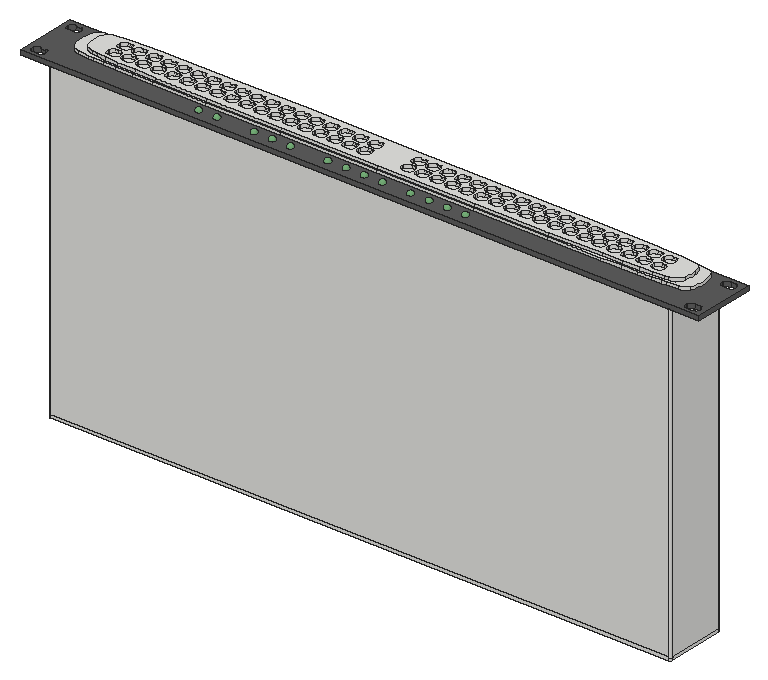
Revit family "Electronics_Expansion-Inputs_Biamp_Vocia_Telephone-Paging-Adapter_POTS-1__", category Communication Devices, host Face, Revit 2020
Family settings
  Host = Face
  Maintain Annotation Orientation = No
  Round Connector Dimension = Use Diameter
  Part Type = Normal
  OmniClass Number = 23.85.10.11.14
  OmniClass Title = Audio Equipment
  Cut with Voids When Loaded = No
  Shared = No
  Room Calculation Point = No
Parameters (values of type "POTS-1")
  Width = 19.02"  # constant formula
  Weight = 2.40 lbf  # constant formula
  Voltage = 24 V
  URL = "https://www.biamp.com/"
  Temperature Range = "18 - 108° F (-8  –  42° C)"  # constant formula
  THD+N = "250Hz – 2kHz: < 0.3%"
  Ringer Equivalency Number (REN) = "0.2"
  Product data url = "https://www.bimobject.com/biamp/product/vocia-pots-1_expansion-input"
  Product Page URL = "https://www.biamp.com/products/product-families/vocia/vocia-expansion-inputs#vocia-pots-1"
  Product Documentation Link = "https://downloads.biamp.com/assets/docs/default-source/data-sheets/biamp_data_sheet_vocia_pots-1_oct18.pdf"
  Power Factor = 1
  TransHybrid Balance = "30dB"
  Number of Poles = 1
  Network Connection = "Dual RJ-45 with shielded Ethernet (CAT5, CAT5e, CAT6, or CAT7)"  # constant formula
  Network Audio = "20-bits, 48kHz, 5-1/3ms (fixed)"  # constant formula
  Model = "Vocia POTS-1"  # constant formula
  Max Power Consumption = 30 W
  Manufacturer = "Biamp"  # constant formula
  Humidity = "0-95% relative humidity (non-condensing)"  # constant formula
  Housing Material = Biamp - Metal - Silver
  Height = 1.73"  # constant formula
  Frequency Response = "250Hz-3.4kHz"
  Dynamic Range = "67dB"
  Description = "Vocia® POTS-1 Telephone Paging Adapter"  # constant formula
  Depth = 8.98"  # constant formula
  Default Elevation = 48.00"
  Connector Description = "24V DC; <100mV Ripple (Max 30W)"  # constant formula
  Compliance = "FCC Part 15B (USA) FCC Part 68 (USA) Industry Canada CS-03 (Canada) CE marked (Europe) RCM (Australia) EAC (Eurasian Customs Union) RoHS Directive (Europe)"
  Assembly Code = ""
  Apparent Load = Max Power Consumption / Power Factor  # 30 VA
  Altitude = "0-10,000 ft (0-3000m) MSL"  # constant formula
Reference planes (in)
  plane 1 "Center (Front/Back)": y = 0
  plane 2: z = 0
  plane 3 "Center (Left/Right)": x = 0
  plane 4: z = 0
  plane 5: y = 0.62232
  plane 6: x = 18.34401
  plane 7: y = -0.62232
Dimensions and locks (in)
  plane 4 to level = 0.00"
  aligned and locked: plane 2 to host face
  aligned and locked: level to host face
Nested families (in)
  nested 1: "POTS-1" at (9.17372, -0.865, -4.35039) x (1, 0, 0) z (0, 1, 0), type "POTS-1"
Connectors (in)
  electrical at (14.77199, -0.33675, -8.8189), driven by "Connector Description", driven by "Power Factor", driven by "Apparent Load", driven by "Voltage", driven by "Number of Poles"
    settings: on nested 1, index 2, voltage 24 V, apparent load 30 VA, apparent load phase1 0 VA, apparent load phase2 0 VA, apparent load phase3 0 VA, power factor 1, load classification "Other", number of poles 1, system type 30, power factor state 1, is connector primary yes, connector utility no, sub classification motor no, connector description "24V DC; <100mV Ripple (Max 30W)"
  electrical at (13.53692, -0.23342, -8.74016)
    settings: on nested 1, index 3, voltage 0 V, apparent load 0 VA, apparent load phase1 0 VA, apparent load phase2 0 VA, apparent load phase3 0 VA, power factor 1, load classification "Other", number of poles 1, system type 5, power factor state 1, is connector primary no, connector utility no, sub classification motor no, connector description "RJ-45; Primary"
  electrical at (12.90699, -0.23342, -8.74016)
    settings: on nested 1, index 4, voltage 0 V, apparent load 0 VA, apparent load phase1 0 VA, apparent load phase2 0 VA, apparent load phase3 0 VA, power factor 1, load classification "Other", number of poles 1, system type 5, power factor state 1, is connector primary no, connector utility no, sub classification motor no, connector description "RJ-45; Secondary"
  electrical at (10.90199, 0.36825, -8.74016)
    settings: on nested 1, index 7, voltage 0 V, apparent load 0 VA, apparent load phase1 0 VA, apparent load phase2 0 VA, apparent load phase3 0 VA, power factor 1, load classification "Other", number of poles 1, system type 5, power factor state 1, is connector primary no, connector utility no, sub classification motor no, connector description "Line 1"
  electrical at (10.20199, 0.36825, -8.74016)
    settings: on nested 1, index 8, voltage 0 V, apparent load 0 VA, apparent load phase1 0 VA, apparent load phase2 0 VA, apparent load phase3 0 VA, power factor 1, load classification "Other", number of poles 1, system type 5, power factor state 1, is connector primary no, connector utility no, sub classification motor no, connector description "Set 1"
  electrical at (9.20199, 0.36825, -8.74016)
    settings: on nested 1, index 9, voltage 0 V, apparent load 0 VA, apparent load phase1 0 VA, apparent load phase2 0 VA, apparent load phase3 0 VA, power factor 1, load classification "Other", number of poles 1, system type 5, power factor state 1, is connector primary no, connector utility no, sub classification motor no, connector description "Line 2"
  electrical at (8.50199, 0.36825, -8.74016)
    settings: on nested 1, index 10, voltage 0 V, apparent load 0 VA, apparent load phase1 0 VA, apparent load phase2 0 VA, apparent load phase3 0 VA, power factor 1, load classification "Other", number of poles 1, system type 5, power factor state 1, is connector primary no, connector utility no, sub classification motor no, connector description "Set 2"
  electrical at (6.96498, 0.36825, -8.74016)
    settings: on nested 1, index 11, voltage 0 V, apparent load 0 VA, apparent load phase1 0 VA, apparent load phase2 0 VA, apparent load phase3 0 VA, power factor 1, load classification "Other", number of poles 1, system type 5, power factor state 1, is connector primary no, connector utility no, sub classification motor no, connector description "Line 3"
  electrical at (6.26499, 0.36825, -8.74016)
    settings: on nested 1, index 12, voltage 0 V, apparent load 0 VA, apparent load phase1 0 VA, apparent load phase2 0 VA, apparent load phase3 0 VA, power factor 1, load classification "Other", number of poles 1, system type 5, power factor state 1, is connector primary no, connector utility no, sub classification motor no, connector description "Set 3"
  electrical at (5.26499, 0.36825, -8.74016)
    settings: on nested 1, index 13, voltage 0 V, apparent load 0 VA, apparent load phase1 0 VA, apparent load phase2 0 VA, apparent load phase3 0 VA, power factor 1, load classification "Other", number of poles 1, system type 5, power factor state 1, is connector primary no, connector utility no, sub classification motor no, connector description "Line 4"
  electrical at (4.565, 0.36825, -8.74016)
    settings: on nested 1, index 14, voltage 0 V, apparent load 0 VA, apparent load phase1 0 VA, apparent load phase2 0 VA, apparent load phase3 0 VA, power factor 1, load classification "Other", number of poles 1, system type 5, power factor state 1, is connector primary no, connector utility no, sub classification motor no, connector description "Set 4"
  electrical at (17.28254, 0.01744, -8.74016)
    settings: on nested 1, index 15, voltage 0 V, apparent load 0 VA, apparent load phase1 0 VA, apparent load phase2 0 VA, apparent load phase3 0 VA, power factor 1, load classification "Other", number of poles 1, system type 5, power factor state 1, is connector primary no, connector utility no, sub classification motor no, connector description "GND"
Definition of nested family "POTS-1"
  Parameters (values of type "POTS-1")
    Width = 19.01575"
    VOIP-1 visible panel back = no
    URL = ""
    POTS-1 visible panel back = yes
    Model = ""
    Material Table Mount = none
    Material Case = none
    Material 3 = none
    Material 2 = none
    Material 1 = none
    Manufacturer = ""
    Height = 1.73228"
    Description = ""
    Depth = 8.97638"
    Default Elevation = 48.00"
    Assembly Code = ""
  Reference planes (in)
    plane 1 "Center (Front/Back)": y = 0
    plane 2: z = 0
    plane 3 "Center (Left/Right)": x = 0
    plane 4: x = -9.50787
    plane 5: x = 9.50787
    plane 6: y = -4.4685
    plane 7 "1": y = 4.4685
    plane 8: z = 1.73228
    plane 9: z = 0
    plane 10: y = -4.35039
    plane 11: y = -4.50787
    plane 12: x = -8.71061
    plane 13: x = 8.72047
    plane 14: y = -4.42913
    plane 15: y = 4.38976
    plane 16: z = 0.32949
  Forms (in)
    Extrusion 1, solid
      sketch origin (0, 0, 0) x (1, 0, 0) y (0, 1, 0)
        loop
          line (-48, 48) -> (-48, -48) -> (48, -48) -> (48, 48) -> (-48, 48)
      from 0 to -12
    Extrusion 2, solid, material <- "Material Table Mount", detail levels fine
      sketch origin (0, 0, 0) x (1, 0, 0) y (0, 1, 0)
        loop
          line (-9.50787, -4.35039) -> (-9.50787, -4.4685) -> (9.50787, -4.4685) -> (9.50787, -4.35039) -> (-9.50787, -4.35039)
      from 0 to 1.73228
    Extrusion 3, void
      sketch origin (0, 0, 0) x (1, 0, 0) y (0, 0, 1)
        loop
          line (-9.10472, 1.62129) -> (-9.24272, 1.62129)
          arc (-9.24272, 1.62129) -> (-9.32884, 1.58996) -> (-9.37469, 1.51063) r 0.13402
          line (-9.37469, 1.51063) -> (-9.37469, 1.46401)
          arc (-9.37469, 1.46401) -> (-9.32886, 1.38463) -> (-9.24272, 1.35329) r 0.13401
          line (-9.24272, 1.35329) -> (-9.10472, 1.35329)
          arc (-9.10472, 1.35329) -> (-9.0186, 1.38463) -> (-8.97276, 1.46401) r 0.134
          line (-8.97276, 1.46401) -> (-8.97276, 1.51054)
          arc (-8.97276, 1.51054) -> (-9.01859, 1.58993) -> (-9.10472, 1.62129) r 0.13399
        loop
          line (-9.10472, 0.37129) -> (-9.24272, 0.37129)
          arc (-9.24272, 0.37129) -> (-9.32886, 0.33993) -> (-9.37469, 0.26054) r 0.13401
          line (-9.37469, 0.26054) -> (-9.37469, 0.21401)
          arc (-9.37469, 0.21401) -> (-9.32886, 0.13463) -> (-9.24272, 0.10329) r 0.13401
          line (-9.24272, 0.10329) -> (-9.10472, 0.10329)
          arc (-9.10472, 0.10329) -> (-9.0186, 0.13463) -> (-8.97276, 0.21401) r 0.134
          line (-8.97276, 0.21401) -> (-8.97276, 0.26054)
          arc (-8.97276, 0.26054) -> (-9.01859, 0.33993) -> (-9.10472, 0.37129) r 0.13399
        loop
          line (9.23929, 1.62129) -> (9.10129, 1.62129)
          arc (9.10129, 1.62129) -> (9.01516, 1.58993) -> (8.96933, 1.51054) r 0.13399
          line (8.96933, 1.51054) -> (8.96933, 1.46401)
          arc (8.96933, 1.46401) -> (9.01516, 1.38463) -> (9.10129, 1.35329) r 0.134
          line (9.10129, 1.35329) -> (9.23929, 1.35329)
          arc (9.23929, 1.35329) -> (9.32541, 1.38463) -> (9.37124, 1.46401) r 0.134
          line (9.37124, 1.46401) -> (9.37124, 1.51054)
          arc (9.37124, 1.51054) -> (9.32542, 1.58993) -> (9.23929, 1.62129) r 0.13399
        loop
          line (9.23929, 0.37129) -> (9.10129, 0.37129)
          arc (9.10129, 0.37129) -> (9.01516, 0.33993) -> (8.96933, 0.26054) r 0.13399
          line (8.96933, 0.26054) -> (8.96933, 0.21401)
          arc (8.96933, 0.21401) -> (9.01516, 0.13463) -> (9.10129, 0.10329) r 0.134
          line (9.10129, 0.10329) -> (9.23929, 0.10329)
          arc (9.23929, 0.10329) -> (9.32541, 0.13463) -> (9.37124, 0.21401) r 0.134
          line (9.37124, 0.21401) -> (9.37124, 0.26054)
          arc (9.37124, 0.26054) -> (9.32542, 0.33993) -> (9.23929, 0.37129) r 0.13399
      from 4.35039 to 4.4685
    Revolve 4, solid, material <- "Material 2", detail levels fine
      sketch origin (-1.33507, 0, 0.32949) x (-1, 0, 0) y (0, -1, 0)
        loop
          arc (0.94198, 4.4685) -> (0.86324, 4.54724) -> (0.7845, 4.4685) r 0.07874
          line (0.7845, 4.4685) -> (0.94198, 4.4685)
        loop
          arc (1.45383, 4.4685) -> (1.37509, 4.54724) -> (1.29635, 4.4685) r 0.07874
          line (1.29635, 4.4685) -> (1.45383, 4.4685)
        loop
          arc (1.96554, 4.4685) -> (1.8868, 4.54724) -> (1.80806, 4.4685) r 0.07874
          line (1.80806, 4.4685) -> (1.96554, 4.4685)
        loop
          arc (3.00877, 4.4685) -> (2.93003, 4.54724) -> (2.85129, 4.4685) r 0.07874
          line (2.85129, 4.4685) -> (3.00877, 4.4685)
        loop
          arc (3.52117, 4.4685) -> (3.44243, 4.54724) -> (3.36369, 4.4685) r 0.07874
          line (3.36369, 4.4685) -> (3.52117, 4.4685)
        loop
          arc (-0.10114, 4.4685) -> (-0.17988, 4.54724) -> (-0.25862, 4.4685) r 0.07874
          line (-0.25862, 4.4685) -> (-0.10114, 4.4685)
        loop
          arc (-0.61303, 4.4685) -> (-0.69177, 4.54724) -> (-0.77051, 4.4685) r 0.07874
          line (-0.77051, 4.4685) -> (-0.61303, 4.4685)
        loop
          arc (-1.12492, 4.4685) -> (-1.20366, 4.54724) -> (-1.2824, 4.4685) r 0.07874
          line (-1.2824, 4.4685) -> (-1.12492, 4.4685)
        loop
          arc (-1.63689, 4.4685) -> (-1.71563, 4.54724) -> (-1.79437, 4.4685) r 0.07874
          line (-1.79437, 4.4685) -> (-1.63689, 4.4685)
        loop
          arc (-2.42391, 4.4685) -> (-2.50265, 4.54724) -> (-2.58139, 4.4685) r 0.07874
          line (-2.58139, 4.4685) -> (-2.42391, 4.4685)
        loop
          arc (-2.93585, 4.4685) -> (-3.01459, 4.54724) -> (-3.09333, 4.4685) r 0.07874
          line (-3.09333, 4.4685) -> (-2.93585, 4.4685)
        loop
          arc (-3.44779, 4.4685) -> (-3.52653, 4.54724) -> (-3.60527, 4.4685) r 0.07874
          line (-3.60527, 4.4685) -> (-3.44779, 4.4685)
        loop
          arc (-3.96012, 4.4685) -> (-4.03886, 4.54724) -> (-4.1176, 4.4685) r 0.07874
          line (-4.1176, 4.4685) -> (-3.96012, 4.4685)
        axis (3.52117, 4.4685) -> (-4.1176, 4.4685)
      angle from 450 to 270
    Extrusion 5, solid, material <- "Material Case", visible <- "POTS-1 visible panel back", detail levels fine
      sketch origin (0, 0, 0) x (1, 0, 0) y (0, 0, 1)
        loop
          line (8.66142, 1.73228) -> (-8.65156, 1.73228)
          arc (-8.65156, 1.73228) -> (-8.69332, 1.71499) -> (-8.71061, 1.67323) r 0.05906
          line (-8.71061, 1.67323) -> (-8.71061, 0.05906)
          arc (-8.71061, 0.05906) -> (-8.69332, 0.0173) -> (-8.65156, 0) r 0.05906
          line (-8.65156, 0) -> (8.66141, 0)
          arc (8.66141, 0) -> (8.70317, 0.0173) -> (8.72047, 0.05906) r 0.05906
          line (8.72047, 0.05906) -> (8.72047, 1.67323)
          arc (8.72047, 1.67323) -> (8.70318, 1.71499) -> (8.66142, 1.73228) r 0.05906
      from -4.4685 to -4.38976
    Extrusion 6, void, detail levels fine
      sketch origin (0, 0, 0) x (1, 0, 0) y (0, 0, 1)
        loop
          line (-4.89872, 0.94325) -> (-4.31873, 0.94325) -> (-4.31873, 1.52324) -> (-4.89872, 1.52324) -> (-4.89872, 0.94325)
        loop
          line (-4.19874, 0.94325) -> (-3.61872, 0.94325) -> (-3.61872, 1.52324) -> (-4.19874, 1.52324) -> (-4.19874, 0.94325)
        loop
          line (-3.19874, 0.94325) -> (-2.61872, 0.94325) -> (-2.61872, 1.52324) -> (-3.19874, 1.52324) -> (-3.19874, 0.94325)
        loop
          line (-2.49874, 1.52324) -> (-2.49874, 0.94325) -> (-1.91875, 0.94325) -> (-1.91875, 1.52324) -> (-2.49874, 1.52324)
        loop
          line (-0.96174, 0.94325) -> (-0.38172, 0.94325) -> (-0.38172, 1.52324) -> (-0.96174, 1.52324) -> (-0.96174, 0.94325)
        loop
          line (-0.26174, 0.94325) -> (0.31827, 0.94325) -> (0.31827, 1.52324) -> (-0.26174, 1.52324) -> (-0.26174, 0.94325)
        loop
          line (0.73827, 1.52324) -> (0.73827, 0.94325) -> (1.31827, 0.94325) -> (1.31827, 1.52324) -> (0.73827, 1.52324)
        loop
          line (2.01827, 0.94325) -> (2.01827, 1.52324) -> (1.43827, 1.52324) -> (1.43827, 0.94325) -> (2.01827, 0.94325)
        loop
          line (4.64863, 0.82842) -> (4.07776, 0.82842) -> (4.07776, 0.43473) -> (4.64863, 0.43473) -> (4.64863, 0.82842)
        loop
          line (4.0187, 0.82842) -> (3.44784, 0.82842) -> (3.44784, 0.43473) -> (4.0187, 0.43473) -> (4.0187, 0.82842)
        loop
          line (5.17327, 0.75325) -> (5.17327, 0.30325) -> (6.02327, 0.30325) -> (6.02327, 0.75325) -> (5.17327, 0.75325)
        loop
          circle (8.10881, 0.88244) r 0.16554
        loop
          circle (1.59783, 0.51028) r 0.21805
        loop
          circle (2.06829, 0.51028) r 0.21805
      from -4.4685 to -4.38976
    Extrusion 7, solid, material <- "Material Table Mount", detail levels coarse+medium
      sketch origin (0, 0, 0) x (1, 0, 0) y (0, 1, 0)
        loop
          line (-9.50787, -4.4685) -> (9.50787, -4.4685) -> (9.50787, -4.35039) -> (-9.50787, -4.35039) -> (-9.50787, -4.4685)
      from 0 to 1.73228
    Extrusion 8, solid, material <- "Material Case", detail levels medium
      sketch origin (0, 0, 0) x (1, 0, 0) y (0, 0, 1)
        loop
          arc (-8.65202, 1.73228) -> (-8.69345, 1.71512) -> (-8.71061, 1.67369) r 0.05859
          line (-8.71061, 1.67369) -> (-8.71061, 0.05859)
          arc (-8.71061, 0.05859) -> (-8.69345, 0.01716) -> (-8.65202, 0) r 0.05859
          line (-8.65202, 0) -> (8.66188, 0)
          arc (8.66188, 0) -> (8.70331, 0.01716) -> (8.72047, 0.05859) r 0.05859
          line (8.72047, 0.05859) -> (8.72047, 1.67369)
          arc (8.72047, 1.67369) -> (8.70331, 1.71512) -> (8.66188, 1.73228) r 0.05859
          line (8.66188, 1.73228) -> (-8.65202, 1.73228)
      from -4.4685 to 4.35039
    Extrusion 9, solid, material <- "Material Case", detail levels coarse
      sketch origin (0, 0, 0) x (1, 0, 0) y (0, 1, 0)
        loop
          line (-8.71061, 4.4685) -> (-8.71061, -4.35039) -> (8.72047, -4.35039) -> (8.72047, 4.4685) -> (-8.71061, 4.4685)
      from 0 to 1.73228
    Extrusion 10, solid, material <- "Material Case", detail levels fine
      sketch origin (0, 0, 0) x (1, 0, 0) y (0, 0, 1)
        loop
          line (8.66142, 1.73228) -> (-8.65156, 1.73228)
          arc (-8.65156, 1.73228) -> (-8.69332, 1.71499) -> (-8.71061, 1.67323) r 0.05906
          line (-8.71061, 1.67323) -> (-8.71061, 0.05906)
          arc (-8.71061, 0.05906) -> (-8.69332, 0.0173) -> (-8.65156, 0) r 0.05906
          line (-8.65156, 0) -> (8.66188, 0)
          arc (8.66188, 0) -> (8.70331, 0.01716) -> (8.72047, 0.05859) r 0.05859
          line (8.72047, 0.05859) -> (8.72047, 1.67323)
          arc (8.72047, 1.67323) -> (8.70318, 1.71499) -> (8.66142, 1.73228) r 0.05906
      from -4.38976 to 4.35039
    Extrusion 11, solid, material <- "Material Case", visible <- "VOIP-1 visible panel back", detail levels fine
      sketch origin (0, 0, 0) x (1, 0, 0) y (0, 0, 1)
        loop
          line (8.72047, 0.05859) -> (8.72047, 1.67323)
          arc (8.72047, 1.67323) -> (8.70318, 1.71499) -> (8.66142, 1.73228) r 0.05906
          line (8.66142, 1.73228) -> (-8.65156, 1.73228)
          arc (-8.65156, 1.73228) -> (-8.69332, 1.71499) -> (-8.71061, 1.67323) r 0.05906
          line (-8.71061, 1.67323) -> (-8.71061, 0.05906)
          arc (-8.71061, 0.05906) -> (-8.69332, 0.0173) -> (-8.65156, 0) r 0.05906
          line (-8.65156, 0) -> (8.66188, 0)
          arc (8.66188, 0) -> (8.70331, 0.01716) -> (8.72047, 0.05859) r 0.05859
      from -4.4685 to -4.38976
    Extrusion 12, void, detail levels fine
      sketch origin (0, 4.4685, 0) x (1, 0, 0) y (0, 0, 1)
        loop
          line (6.0144, 0.75118) -> (5.1644, 0.75118) -> (5.1644, 0.30117) -> (6.0144, 0.30117) -> (6.0144, 0.75118)
        loop
          arc (7.93404, 0.88028) -> (7.98243, 0.76329) -> (8.0994, 0.71486) r 0.16527
          arc (8.0994, 0.71486) -> (8.21641, 0.76333) -> (8.26475, 0.88041) r 0.16527
          arc (8.26475, 0.88041) -> (8.21629, 0.99724) -> (8.0994, 1.04559) r 0.16525
          arc (8.0994, 1.04559) -> (7.98246, 0.9972) -> (7.93404, 0.88028) r 0.16526
        loop
          line (4.6994, 0.88117) -> (4.1019, 0.88117) -> (4.1019, 0.30117) -> (4.6994, 0.30117) -> (4.6994, 0.88117)
        loop
          line (3.3794, 0.88117) -> (3.3794, 0.30117) -> (4.05028, 0.30117) -> (4.05028, 0.88117) -> (3.3794, 0.88117)
        loop
          arc (2.0594, 0.72668) -> (1.90581, 0.66367) -> (1.84092, 0.51086) r 0.21837
          arc (1.84092, 0.51086) -> (1.90392, 0.35459) -> (2.0594, 0.28967) r 0.21838
          arc (2.0594, 0.28967) -> (2.21425, 0.35395) -> (2.2779, 0.50906) r 0.21838
          arc (2.2779, 0.50906) -> (2.21363, 0.66303) -> (2.0594, 0.72668) r 0.21838
        loop
          arc (1.5894, 0.72668) -> (1.43545, 0.66331) -> (1.37091, 0.50983) r 0.21837
          arc (1.37091, 0.50983) -> (1.43428, 0.35422) -> (1.5894, 0.28967) r 0.21837
          arc (1.5894, 0.28967) -> (1.74532, 0.35503) -> (1.80787, 0.5121) r 0.21839
          arc (1.80787, 0.5121) -> (1.74255, 0.6641) -> (1.5894, 0.72668) r 0.21838
        loop
          line (1.7494, 1.49117) -> (1.0494, 1.49123) -> (1.0494, 0.94118) -> (1.7494, 0.94118) -> (1.7494, 1.49117)
        loop
          line (-2.88761, 1.49117) -> (-2.88761, 0.94118) -> (-2.1876, 0.94118) -> (-2.1876, 1.49117) -> (-2.88761, 1.49117)
      from 0 to 0.07874
    Extrusion 13, solid, material <- "Material 1", detail levels medium+fine
      sketch origin (0.00019, 0.5315, 0) x (1, 0, 0) y (0, 0, 1)
        loop
          spline (-8.64077, 1.5063) -> (-8.65735, 1.45449) -> (-8.67111, 1.39928) -> (-8.68189, 1.34132) -> (-8.68957, 1.2813) -> (-8.69405, 1.21991) -> (-8.69529, 1.15789) -> (-8.69326, 1.09595) -> (-8.688, 1.03483) -> (-8.67956, 0.97524) -> (-8.66804, 0.91788) -> (-8.65359, 0.86344) -> (-8.63636, 0.81254)
          arc (-8.63636, 0.81254) -> (-8.53568, 0.71131) -> (-8.3997, 0.66781) r 0.30126
          line (-8.3997, 0.66781) -> (-8.09718, 0.64647) -> (-7.96202, 0.63909) -> (-7.67946, 0.629) -> (-7.31432, 0.62036) -> (-6.85355, 0.61315) -> (-6.28557, 0.6074) -> (-4.78587, 0.59874) -> (-2.72254, 0.59296) -> (0.00007, 0.59153) -> (2.72124, 0.59296) -> (4.78457, 0.59874) -> (6.28425, 0.6074) -> (6.85225, 0.61315) -> (7.31301, 0.62036) -> (7.67815, 0.629) -> (7.96073, 0.63909) -> (8.10159, 0.64678) -> (8.3997, 0.66781)
          arc (8.3997, 0.66781) -> (8.53568, 0.71131) -> (8.63636, 0.81254) r 0.30126
          spline (8.63636, 0.81254) -> (8.65359, 0.86344) -> (8.66804, 0.91788) -> (8.67956, 0.97524) -> (8.688, 1.03483) -> (8.69326, 1.09595) -> (8.69529, 1.15789) -> (8.69405, 1.21991) -> (8.68957, 1.2813) -> (8.68189, 1.34132) -> (8.67111, 1.39928) -> (8.65735, 1.45449) -> (8.64077, 1.5063)
          arc (8.64077, 1.5063) -> (8.53939, 1.61277) -> (8.3997, 1.65858) r 0.30126
          line (8.3997, 1.65858) -> (8.09857, 1.67982) -> (7.96202, 1.68728) -> (7.67946, 1.69738) -> (7.31432, 1.70603) -> (6.85355, 1.71324) -> (6.28557, 1.71901) -> (4.78587, 1.72765) -> (2.72254, 1.73341) -> (0, 1.73341) -> (-2.72254, 1.73341) -> (-4.78587, 1.72765) -> (-6.28557, 1.71901) -> (-6.85355, 1.71324) -> (-7.31432, 1.70603) -> (-7.67946, 1.69738) -> (-7.96202, 1.68728) -> (-8.09857, 1.67982) -> (-8.3997, 1.65858)
          arc (-8.3997, 1.65858) -> (-8.53939, 1.61277) -> (-8.64077, 1.5063) r 0.30126
      from 5 to 5.07874
    Extrusion 14, solid, material <- "Material 1", detail levels medium+fine
      sketch origin (0.00019, 0.37402, 0) x (1, 0, 0) y (0, 0, 1)
        loop
          spline (-8.37154, 1.29486) -> (-8.37332, 1.26859) -> (-8.37451, 1.24218) -> (-8.37511, 1.21568) -> (-8.37511, 1.18916) -> (-8.37452, 1.16266) -> (-8.37333, 1.13625) -> (-8.37155, 1.10998) -> (-8.36918, 1.08391) -> (-8.36623, 1.05809) -> (-8.36271, 1.03258) -> (-8.35862, 1.00744) -> (-8.35396, 0.98271)
          arc (-8.35396, 0.98271) -> (-8.25757, 0.81591) -> (-8.07982, 0.74163) r 0.30126
          line (-8.07982, 0.74163) -> (-7.95889, 0.72678) -> (-7.67889, 0.69972) -> (-7.31401, 0.68698) -> (-6.85337, 0.67739) -> (-6.28549, 0.66748) -> (-4.78587, 0.64526) -> (-2.72254, 0.63949) -> (0.00007, 0.63805) -> (2.72124, 0.63949) -> (4.78457, 0.64526) -> (6.27228, 0.66588) -> (6.83902, 0.6729) -> (7.31292, 0.68465) -> (7.67104, 0.69942) -> (7.95889, 0.72678) -> (8.07982, 0.74163)
          arc (8.07982, 0.74163) -> (8.25757, 0.81591) -> (8.35396, 0.98271) r 0.30126
          spline (8.35396, 0.98271) -> (8.35862, 1.00744) -> (8.36271, 1.03258) -> (8.36623, 1.05809) -> (8.36918, 1.08391) -> (8.37155, 1.10998) -> (8.37333, 1.13625) -> (8.37452, 1.16266) -> (8.37511, 1.18916) -> (8.37511, 1.21568) -> (8.37451, 1.24218) -> (8.37332, 1.26859) -> (8.37154, 1.29486)
          arc (8.37154, 1.29486) -> (8.2982, 1.49367) -> (8.1122, 1.5952) r 0.30168
          line (8.1122, 1.5952) -> (7.92694, 1.62145) -> (7.67897, 1.63879) -> (7.32026, 1.65132) -> (6.85311, 1.66718) -> (6.28557, 1.68133) -> (4.78587, 1.68997) -> (2.72254, 1.69573) -> (0, 1.69573) -> (-2.72254, 1.69573) -> (-4.78587, 1.68997) -> (-6.28557, 1.67233) -> (-6.84373, 1.66574) -> (-7.31432, 1.65042) -> (-7.67946, 1.63496) -> (-7.92694, 1.62145) -> (-8.1122, 1.5952)
          arc (-8.1122, 1.5952) -> (-8.2982, 1.49367) -> (-8.37154, 1.29486) r 0.30168
        loop
          arc (-7.46372, 1.36914) -> (-7.50281, 1.46352) -> (-7.5972, 1.50262) r 0.13348
          line (-7.5972, 1.50262) -> (-7.68831, 1.50262)
          arc (-7.68831, 1.50262) -> (-7.78269, 1.46352) -> (-7.82179, 1.36914) r 0.13348
          line (-7.82179, 1.36914) -> (-7.82179, 1.32816)
          arc (-7.82179, 1.32816) -> (-7.78088, 1.22938) -> (-7.68211, 1.18847) r 0.13968
          line (-7.68211, 1.18847) -> (-7.6034, 1.18847)
          arc (-7.6034, 1.18847) -> (-7.50463, 1.22938) -> (-7.46372, 1.32816) r 0.13968
          line (-7.46372, 1.32816) -> (-7.46372, 1.36914)
        loop
          arc (-7.05847, 1.36914) -> (-7.09756, 1.46352) -> (-7.19195, 1.50262) r 0.13348
          line (-7.19195, 1.50262) -> (-7.28306, 1.50262)
          arc (-7.28306, 1.50262) -> (-7.37744, 1.46352) -> (-7.41654, 1.36914) r 0.13348
          line (-7.41654, 1.36914) -> (-7.41654, 1.32816)
          arc (-7.41654, 1.32816) -> (-7.37563, 1.22938) -> (-7.27685, 1.18847) r 0.13968
          line (-7.27685, 1.18847) -> (-7.19815, 1.18847)
          arc (-7.19815, 1.18847) -> (-7.09938, 1.22938) -> (-7.05847, 1.32816) r 0.13968
          line (-7.05847, 1.32816) -> (-7.05847, 1.36914)
        loop
          arc (-6.64583, 1.36914) -> (-6.68492, 1.46352) -> (-6.77931, 1.50262) r 0.13348
          line (-6.77931, 1.50262) -> (-6.87042, 1.50262)
          arc (-6.87042, 1.50262) -> (-6.96481, 1.46352) -> (-7.0039, 1.36914) r 0.13348
          line (-7.0039, 1.36914) -> (-7.0039, 1.32816)
          arc (-7.0039, 1.32816) -> (-6.96299, 1.22938) -> (-6.86422, 1.18847) r 0.13968
          line (-6.86422, 1.18847) -> (-6.78551, 1.18847)
          arc (-6.78551, 1.18847) -> (-6.68674, 1.22938) -> (-6.64583, 1.32816) r 0.13968
          line (-6.64583, 1.32816) -> (-6.64583, 1.36914)
        loop
          arc (-6.22965, 1.36914) -> (-6.26875, 1.46352) -> (-6.36313, 1.50262) r 0.13348
          line (-6.36313, 1.50262) -> (-6.45424, 1.50262)
          arc (-6.45424, 1.50262) -> (-6.54863, 1.46352) -> (-6.58773, 1.36914) r 0.13348
          line (-6.58773, 1.36914) -> (-6.58773, 1.32816)
          arc (-6.58773, 1.32816) -> (-6.54681, 1.22938) -> (-6.44804, 1.18847) r 0.13968
          line (-6.44804, 1.18847) -> (-6.36934, 1.18847)
          arc (-6.36934, 1.18847) -> (-6.27057, 1.22938) -> (-6.22965, 1.32816) r 0.13968
          line (-6.22965, 1.32816) -> (-6.22965, 1.36914)
        loop
          arc (-5.81739, 1.36914) -> (-5.85649, 1.46352) -> (-5.95088, 1.50262) r 0.13348
          line (-5.95088, 1.50262) -> (-6.04199, 1.50262)
          arc (-6.04199, 1.50262) -> (-6.13637, 1.46352) -> (-6.17547, 1.36914) r 0.13348
          line (-6.17547, 1.36914) -> (-6.17547, 1.32816)
          arc (-6.17547, 1.32816) -> (-6.13455, 1.22938) -> (-6.03578, 1.18847) r 0.13968
          line (-6.03578, 1.18847) -> (-5.95708, 1.18847)
          arc (-5.95708, 1.18847) -> (-5.85831, 1.22938) -> (-5.81739, 1.32816) r 0.13968
          line (-5.81739, 1.32816) -> (-5.81739, 1.36914)
        loop
          arc (-5.40456, 1.36914) -> (-5.44365, 1.46352) -> (-5.53804, 1.50262) r 0.13348
          line (-5.53804, 1.50262) -> (-5.62915, 1.50262)
          arc (-5.62915, 1.50262) -> (-5.72354, 1.46352) -> (-5.76263, 1.36914) r 0.13348
          line (-5.76263, 1.36914) -> (-5.76263, 1.32816)
          arc (-5.76263, 1.32816) -> (-5.72172, 1.22938) -> (-5.62295, 1.18847) r 0.13968
          line (-5.62295, 1.18847) -> (-5.54424, 1.18847)
          arc (-5.54424, 1.18847) -> (-5.44547, 1.22938) -> (-5.40456, 1.32816) r 0.13968
          line (-5.40456, 1.32816) -> (-5.40456, 1.36914)
        loop
          arc (-4.99172, 1.36914) -> (-5.03081, 1.46352) -> (-5.1252, 1.50262) r 0.13348
          line (-5.1252, 1.50262) -> (-5.21631, 1.50262)
          arc (-5.21631, 1.50262) -> (-5.31069, 1.46352) -> (-5.34979, 1.36914) r 0.13348
          line (-5.34979, 1.36914) -> (-5.34979, 1.32816)
          arc (-5.34979, 1.32816) -> (-5.30888, 1.22938) -> (-5.21011, 1.18847) r 0.13968
          line (-5.21011, 1.18847) -> (-5.1314, 1.18847)
          arc (-5.1314, 1.18847) -> (-5.03263, 1.22938) -> (-4.99172, 1.32816) r 0.13968
          line (-4.99172, 1.32816) -> (-4.99172, 1.36914)
        loop
          arc (-4.57541, 1.36914) -> (-4.61451, 1.46352) -> (-4.70889, 1.50262) r 0.13348
          line (-4.70889, 1.50262) -> (-4.8, 1.50262)
          arc (-4.8, 1.50262) -> (-4.89439, 1.46352) -> (-4.93348, 1.36914) r 0.13348
          line (-4.93348, 1.36914) -> (-4.93348, 1.32816)
          arc (-4.93348, 1.32816) -> (-4.89257, 1.22938) -> (-4.7938, 1.18847) r 0.13968
          line (-4.7938, 1.18847) -> (-4.71509, 1.18847)
          arc (-4.71509, 1.18847) -> (-4.61632, 1.22938) -> (-4.57541, 1.32816) r 0.13968
          line (-4.57541, 1.32816) -> (-4.57541, 1.36914)
        loop
          arc (-4.16257, 1.36914) -> (-4.20167, 1.46352) -> (-4.29606, 1.50262) r 0.13348
          line (-4.29606, 1.50262) -> (-4.38717, 1.50262)
          arc (-4.38717, 1.50262) -> (-4.48155, 1.46352) -> (-4.52065, 1.36914) r 0.13348
          line (-4.52065, 1.36914) -> (-4.52065, 1.32816)
          arc (-4.52065, 1.32816) -> (-4.47973, 1.22938) -> (-4.38096, 1.18847) r 0.13968
          line (-4.38096, 1.18847) -> (-4.30226, 1.18847)
          arc (-4.30226, 1.18847) -> (-4.20349, 1.22938) -> (-4.16257, 1.32816) r 0.13968
          line (-4.16257, 1.32816) -> (-4.16257, 1.36914)
        loop
          arc (-3.7532, 1.36914) -> (-3.7923, 1.46352) -> (-3.88669, 1.50262) r 0.13348
          line (-3.88669, 1.50262) -> (-3.9778, 1.50262)
          arc (-3.9778, 1.50262) -> (-4.07218, 1.46352) -> (-4.11128, 1.36914) r 0.13348
          line (-4.11128, 1.36914) -> (-4.11128, 1.32816)
          arc (-4.11128, 1.32816) -> (-4.07036, 1.22938) -> (-3.97159, 1.18847) r 0.13968
          line (-3.97159, 1.18847) -> (-3.89289, 1.18847)
          arc (-3.89289, 1.18847) -> (-3.79412, 1.22938) -> (-3.7532, 1.32816) r 0.13968
          line (-3.7532, 1.32816) -> (-3.7532, 1.36914)
        loop
          arc (-3.34036, 1.36914) -> (-3.37946, 1.46352) -> (-3.47384, 1.50262) r 0.13348
          line (-3.47384, 1.50262) -> (-3.56495, 1.50262)
          arc (-3.56495, 1.50262) -> (-3.65934, 1.46352) -> (-3.69843, 1.36914) r 0.13348
          line (-3.69843, 1.36914) -> (-3.69843, 1.32816)
          arc (-3.69843, 1.32816) -> (-3.65752, 1.22938) -> (-3.55875, 1.18847) r 0.13968
          line (-3.55875, 1.18847) -> (-3.48005, 1.18847)
          arc (-3.48005, 1.18847) -> (-3.38127, 1.22938) -> (-3.34036, 1.32816) r 0.13968
          line (-3.34036, 1.32816) -> (-3.34036, 1.36914)
        loop
          arc (-2.92405, 1.36914) -> (-2.96315, 1.46352) -> (-3.05754, 1.50262) r 0.13348
          line (-3.05754, 1.50262) -> (-3.14865, 1.50262)
          arc (-3.14865, 1.50262) -> (-3.24303, 1.46352) -> (-3.28213, 1.36914) r 0.13348
          line (-3.28213, 1.36914) -> (-3.28213, 1.32816)
          arc (-3.28213, 1.32816) -> (-3.24121, 1.22938) -> (-3.14244, 1.18847) r 0.13968
          line (-3.14244, 1.18847) -> (-3.06374, 1.18847)
          arc (-3.06374, 1.18847) -> (-2.96497, 1.22938) -> (-2.92405, 1.32816) r 0.13968
          line (-2.92405, 1.32816) -> (-2.92405, 1.36914)
        loop
          arc (-2.51122, 1.36914) -> (-2.55032, 1.46352) -> (-2.6447, 1.50262) r 0.13348
          line (-2.6447, 1.50262) -> (-2.73581, 1.50262)
          arc (-2.73581, 1.50262) -> (-2.8302, 1.46352) -> (-2.86929, 1.36914) r 0.13348
          line (-2.86929, 1.36914) -> (-2.86929, 1.32816)
          arc (-2.86929, 1.32816) -> (-2.82838, 1.22938) -> (-2.72961, 1.18847) r 0.13968
          line (-2.72961, 1.18847) -> (-2.6509, 1.18847)
          arc (-2.6509, 1.18847) -> (-2.55213, 1.22938) -> (-2.51122, 1.32816) r 0.13968
          line (-2.51122, 1.32816) -> (-2.51122, 1.36914)
        loop
          arc (-2.10165, 1.36914) -> (-2.14075, 1.46352) -> (-2.23514, 1.50262) r 0.13348
          line (-2.23514, 1.50262) -> (-2.32625, 1.50262)
          arc (-2.32625, 1.50262) -> (-2.42063, 1.46352) -> (-2.45973, 1.36914) r 0.13348
          line (-2.45973, 1.36914) -> (-2.45973, 1.32816)
          arc (-2.45973, 1.32816) -> (-2.41882, 1.22938) -> (-2.32004, 1.18847) r 0.13968
          line (-2.32004, 1.18847) -> (-2.24134, 1.18847)
          arc (-2.24134, 1.18847) -> (-2.14257, 1.22938) -> (-2.10165, 1.32816) r 0.13968
          line (-2.10165, 1.32816) -> (-2.10165, 1.36914)
        loop
          arc (-1.68901, 1.36914) -> (-1.7281, 1.46352) -> (-1.82249, 1.50262) r 0.13348
          line (-1.82249, 1.50262) -> (-1.9136, 1.50262)
          arc (-1.9136, 1.50262) -> (-2.00798, 1.46352) -> (-2.04708, 1.36914) r 0.13348
          line (-2.04708, 1.36914) -> (-2.04708, 1.32816)
          arc (-2.04708, 1.32816) -> (-2.00617, 1.22938) -> (-1.9074, 1.18847) r 0.13968
          line (-1.9074, 1.18847) -> (-1.82869, 1.18847)
          arc (-1.82869, 1.18847) -> (-1.72992, 1.22938) -> (-1.68901, 1.32816) r 0.13968
          line (-1.68901, 1.32816) -> (-1.68901, 1.36914)
        loop
          arc (-1.2727, 1.36914) -> (-1.3118, 1.46352) -> (-1.40618, 1.50262) r 0.13348
          line (-1.40618, 1.50262) -> (-1.49729, 1.50262)
          arc (-1.49729, 1.50262) -> (-1.59168, 1.46352) -> (-1.63077, 1.36914) r 0.13348
          line (-1.63077, 1.36914) -> (-1.63077, 1.32816)
          arc (-1.63077, 1.32816) -> (-1.58986, 1.22938) -> (-1.49109, 1.18847) r 0.13968
          line (-1.49109, 1.18847) -> (-1.41238, 1.18847)
          arc (-1.41238, 1.18847) -> (-1.31361, 1.22938) -> (-1.2727, 1.32816) r 0.13968
          line (-1.2727, 1.32816) -> (-1.2727, 1.36914)
        loop
          arc (-0.85986, 1.36914) -> (-0.89895, 1.46352) -> (-0.99334, 1.50262) r 0.13348
          line (-0.99334, 1.50262) -> (-1.08445, 1.50262)
          arc (-1.08445, 1.50262) -> (-1.17883, 1.46352) -> (-1.21793, 1.36914) r 0.13348
          line (-1.21793, 1.36914) -> (-1.21793, 1.32816)
          arc (-1.21793, 1.32816) -> (-1.17702, 1.22938) -> (-1.07825, 1.18847) r 0.13968
          line (-1.07825, 1.18847) -> (-0.99954, 1.18847)
          arc (-0.99954, 1.18847) -> (-0.90077, 1.22938) -> (-0.85986, 1.32816) r 0.13968
          line (-0.85986, 1.32816) -> (-0.85986, 1.36914)
        loop
          arc (-0.44355, 1.36914) -> (-0.48265, 1.46352) -> (-0.57703, 1.50262) r 0.13348
          line (-0.57703, 1.50262) -> (-0.66814, 1.50262)
          arc (-0.66814, 1.50262) -> (-0.76253, 1.46352) -> (-0.80162, 1.36914) r 0.13348
          line (-0.80162, 1.36914) -> (-0.80162, 1.32816)
          arc (-0.80162, 1.32816) -> (-0.76071, 1.22938) -> (-0.66194, 1.18847) r 0.13968
          line (-0.66194, 1.18847) -> (-0.58323, 1.18847)
          arc (-0.58323, 1.18847) -> (-0.48446, 1.22938) -> (-0.44355, 1.32816) r 0.13968
          line (-0.44355, 1.32816) -> (-0.44355, 1.36914)
        loop
          arc (0.77646, 1.36914) -> (0.73736, 1.46352) -> (0.64297, 1.50262) r 0.13348
          line (0.64297, 1.50262) -> (0.55186, 1.50262)
          arc (0.55186, 1.50262) -> (0.45748, 1.46352) -> (0.41838, 1.36914) r 0.13348
          line (0.41838, 1.36914) -> (0.41838, 1.32816)
          arc (0.41838, 1.32816) -> (0.45929, 1.22938) -> (0.55807, 1.18847) r 0.13968
          line (0.55807, 1.18847) -> (0.63677, 1.18847)
          arc (0.63677, 1.18847) -> (0.73554, 1.22938) -> (0.77646, 1.32816) r 0.13968
          line (0.77646, 1.32816) -> (0.77646, 1.36914)
        loop
          arc (1.18171, 1.36914) -> (1.14261, 1.46352) -> (1.04823, 1.50262) r 0.13348
          line (1.04823, 1.50262) -> (0.95712, 1.50262)
          arc (0.95712, 1.50262) -> (0.86273, 1.46352) -> (0.82363, 1.36914) r 0.13348
          line (0.82363, 1.36914) -> (0.82363, 1.32816)
          arc (0.82363, 1.32816) -> (0.86455, 1.22938) -> (0.96332, 1.18847) r 0.13968
          line (0.96332, 1.18847) -> (1.04202, 1.18847)
          arc (1.04202, 1.18847) -> (1.14079, 1.22938) -> (1.18171, 1.32816) r 0.13968
          line (1.18171, 1.32816) -> (1.18171, 1.36914)
        loop
          arc (1.59434, 1.36914) -> (1.55525, 1.46352) -> (1.46086, 1.50262) r 0.13348
          line (1.46086, 1.50262) -> (1.36975, 1.50262)
          arc (1.36975, 1.50262) -> (1.27537, 1.46352) -> (1.23627, 1.36914) r 0.13348
          line (1.23627, 1.36914) -> (1.23627, 1.32816)
          arc (1.23627, 1.32816) -> (1.27718, 1.22938) -> (1.37596, 1.18847) r 0.13968
          line (1.37596, 1.18847) -> (1.45466, 1.18847)
          arc (1.45466, 1.18847) -> (1.55343, 1.22938) -> (1.59434, 1.32816) r 0.13968
          line (1.59434, 1.32816) -> (1.59434, 1.36914)
        loop
          arc (2.01052, 1.36914) -> (1.97142, 1.46352) -> (1.87704, 1.50262) r 0.13348
          line (1.87704, 1.50262) -> (1.78593, 1.50262)
          arc (1.78593, 1.50262) -> (1.69154, 1.46352) -> (1.65245, 1.36914) r 0.13348
          line (1.65245, 1.36914) -> (1.65245, 1.32816)
          arc (1.65245, 1.32816) -> (1.69336, 1.22938) -> (1.79213, 1.18847) r 0.13968
          line (1.79213, 1.18847) -> (1.87083, 1.18847)
          arc (1.87083, 1.18847) -> (1.96961, 1.22938) -> (2.01052, 1.32816) r 0.13968
          line (2.01052, 1.32816) -> (2.01052, 1.36914)
        loop
          arc (2.42278, 1.36914) -> (2.38368, 1.46352) -> (2.2893, 1.50262) r 0.13348
          line (2.2893, 1.50262) -> (2.19819, 1.50262)
          arc (2.19819, 1.50262) -> (2.1038, 1.46352) -> (2.0647, 1.36914) r 0.13348
          line (2.0647, 1.36914) -> (2.0647, 1.32816)
          arc (2.0647, 1.32816) -> (2.10562, 1.22938) -> (2.20439, 1.18847) r 0.13968
          line (2.20439, 1.18847) -> (2.28309, 1.18847)
          arc (2.28309, 1.18847) -> (2.38187, 1.22938) -> (2.42278, 1.32816) r 0.13968
          line (2.42278, 1.32816) -> (2.42278, 1.36914)
        loop
          arc (2.83561, 1.36914) -> (2.79652, 1.46352) -> (2.70213, 1.50262) r 0.13348
          line (2.70213, 1.50262) -> (2.61102, 1.50262)
          arc (2.61102, 1.50262) -> (2.51664, 1.46352) -> (2.47754, 1.36914) r 0.13348
          line (2.47754, 1.36914) -> (2.47754, 1.32816)
          arc (2.47754, 1.32816) -> (2.51845, 1.22938) -> (2.61722, 1.18847) r 0.13968
          line (2.61722, 1.18847) -> (2.69593, 1.18847)
          arc (2.69593, 1.18847) -> (2.7947, 1.22938) -> (2.83561, 1.32816) r 0.13968
          line (2.83561, 1.32816) -> (2.83561, 1.36914)
        loop
          arc (3.24846, 1.36914) -> (3.20936, 1.46352) -> (3.11497, 1.50262) r 0.13348
          line (3.11497, 1.50262) -> (3.02386, 1.50262)
          arc (3.02386, 1.50262) -> (2.92948, 1.46352) -> (2.89038, 1.36914) r 0.13348
          line (2.89038, 1.36914) -> (2.89038, 1.32816)
          arc (2.89038, 1.32816) -> (2.93129, 1.22938) -> (3.03007, 1.18847) r 0.13968
          line (3.03007, 1.18847) -> (3.10877, 1.18847)
          arc (3.10877, 1.18847) -> (3.20754, 1.22938) -> (3.24846, 1.32816) r 0.13968
          line (3.24846, 1.32816) -> (3.24846, 1.36914)
        loop
          arc (3.66476, 1.36914) -> (3.62567, 1.46352) -> (3.53128, 1.50262) r 0.13348
          line (3.53128, 1.50262) -> (3.44017, 1.50262)
          arc (3.44017, 1.50262) -> (3.34579, 1.46352) -> (3.30669, 1.36914) r 0.13348
          line (3.30669, 1.36914) -> (3.30669, 1.32816)
          arc (3.30669, 1.32816) -> (3.3476, 1.22938) -> (3.44637, 1.18847) r 0.13968
          line (3.44637, 1.18847) -> (3.52508, 1.18847)
          arc (3.52508, 1.18847) -> (3.62385, 1.22938) -> (3.66476, 1.32816) r 0.13968
          line (3.66476, 1.32816) -> (3.66476, 1.36914)
        loop
          arc (4.0776, 1.36914) -> (4.0385, 1.46352) -> (3.94412, 1.50262) r 0.13348
          line (3.94412, 1.50262) -> (3.85301, 1.50262)
          arc (3.85301, 1.50262) -> (3.75862, 1.46352) -> (3.71952, 1.36914) r 0.13348
          line (3.71952, 1.36914) -> (3.71952, 1.32816)
          arc (3.71952, 1.32816) -> (3.76044, 1.22938) -> (3.85921, 1.18847) r 0.13968
          line (3.85921, 1.18847) -> (3.93791, 1.18847)
          arc (3.93791, 1.18847) -> (4.03669, 1.22938) -> (4.0776, 1.32816) r 0.13968
          line (4.0776, 1.32816) -> (4.0776, 1.36914)
        loop
          arc (4.48697, 1.36914) -> (4.44787, 1.46352) -> (4.35349, 1.50262) r 0.13348
          line (4.35349, 1.50262) -> (4.26238, 1.50262)
          arc (4.26238, 1.50262) -> (4.16799, 1.46352) -> (4.12889, 1.36914) r 0.13348
          line (4.12889, 1.36914) -> (4.12889, 1.32816)
          arc (4.12889, 1.32816) -> (4.16981, 1.22938) -> (4.26858, 1.18847) r 0.13968
          line (4.26858, 1.18847) -> (4.34728, 1.18847)
          arc (4.34728, 1.18847) -> (4.44606, 1.22938) -> (4.48697, 1.32816) r 0.13968
          line (4.48697, 1.32816) -> (4.48697, 1.36914)
        loop
          arc (4.89981, 1.36914) -> (4.86071, 1.46352) -> (4.76633, 1.50262) r 0.13348
          line (4.76633, 1.50262) -> (4.67522, 1.50262)
          arc (4.67522, 1.50262) -> (4.58083, 1.46352) -> (4.54174, 1.36914) r 0.13348
          line (4.54174, 1.36914) -> (4.54174, 1.32816)
          arc (4.54174, 1.32816) -> (4.58265, 1.22938) -> (4.68142, 1.18847) r 0.13968
          line (4.68142, 1.18847) -> (4.76013, 1.18847)
          arc (4.76013, 1.18847) -> (4.8589, 1.22938) -> (4.89981, 1.32816) r 0.13968
          line (4.89981, 1.32816) -> (4.89981, 1.36914)
        loop
          arc (5.31612, 1.36914) -> (5.27702, 1.46352) -> (5.18264, 1.50262) r 0.13348
          line (5.18264, 1.50262) -> (5.09153, 1.50262)
          arc (5.09153, 1.50262) -> (4.99714, 1.46352) -> (4.95804, 1.36914) r 0.13348
          line (4.95804, 1.36914) -> (4.95804, 1.32816)
          arc (4.95804, 1.32816) -> (4.99896, 1.22938) -> (5.09773, 1.18847) r 0.13968
          line (5.09773, 1.18847) -> (5.17643, 1.18847)
          arc (5.17643, 1.18847) -> (5.2752, 1.22938) -> (5.31612, 1.32816) r 0.13968
          line (5.31612, 1.32816) -> (5.31612, 1.36914)
        loop
          arc (5.72895, 1.36914) -> (5.68986, 1.46352) -> (5.59547, 1.50262) r 0.13348
          line (5.59547, 1.50262) -> (5.50436, 1.50262)
          arc (5.50436, 1.50262) -> (5.40998, 1.46352) -> (5.37088, 1.36914) r 0.13348
          line (5.37088, 1.36914) -> (5.37088, 1.32816)
          arc (5.37088, 1.32816) -> (5.41179, 1.22938) -> (5.51056, 1.18847) r 0.13968
          line (5.51056, 1.18847) -> (5.58927, 1.18847)
          arc (5.58927, 1.18847) -> (5.68804, 1.22938) -> (5.72895, 1.32816) r 0.13968
          line (5.72895, 1.32816) -> (5.72895, 1.36914)
        loop
          arc (6.13852, 1.36914) -> (6.09942, 1.46352) -> (6.00504, 1.50262) r 0.13348
          line (6.00504, 1.50262) -> (5.91393, 1.50262)
          arc (5.91393, 1.50262) -> (5.81954, 1.46352) -> (5.78044, 1.36914) r 0.13348
          line (5.78044, 1.36914) -> (5.78044, 1.32816)
          arc (5.78044, 1.32816) -> (5.82136, 1.22938) -> (5.92013, 1.18847) r 0.13968
          line (5.92013, 1.18847) -> (5.99883, 1.18847)
          arc (5.99883, 1.18847) -> (6.0976, 1.22938) -> (6.13852, 1.32816) r 0.13968
          line (6.13852, 1.32816) -> (6.13852, 1.36914)
        loop
          arc (6.55116, 1.36914) -> (6.51207, 1.46352) -> (6.41768, 1.50262) r 0.13348
          line (6.41768, 1.50262) -> (6.32657, 1.50262)
          arc (6.32657, 1.50262) -> (6.23219, 1.46352) -> (6.19309, 1.36914) r 0.13348
          line (6.19309, 1.36914) -> (6.19309, 1.32816)
          arc (6.19309, 1.32816) -> (6.234, 1.22938) -> (6.33278, 1.18847) r 0.13968
          line (6.33278, 1.18847) -> (6.41148, 1.18847)
          arc (6.41148, 1.18847) -> (6.51025, 1.22938) -> (6.55116, 1.32816) r 0.13968
          line (6.55116, 1.32816) -> (6.55116, 1.36914)
        loop
          arc (6.96747, 1.36914) -> (6.92838, 1.46352) -> (6.83399, 1.50262) r 0.13348
          line (6.83399, 1.50262) -> (6.74288, 1.50262)
          arc (6.74288, 1.50262) -> (6.64849, 1.46352) -> (6.6094, 1.36914) r 0.13348
          line (6.6094, 1.36914) -> (6.6094, 1.32816)
          arc (6.6094, 1.32816) -> (6.65031, 1.22938) -> (6.74908, 1.18847) r 0.13968
          line (6.74908, 1.18847) -> (6.82779, 1.18847)
          arc (6.82779, 1.18847) -> (6.92656, 1.22938) -> (6.96747, 1.32816) r 0.13968
          line (6.96747, 1.32816) -> (6.96747, 1.36914)
        loop
          arc (7.38031, 1.36914) -> (7.34122, 1.46352) -> (7.24683, 1.50262) r 0.13348
          line (7.24683, 1.50262) -> (7.15572, 1.50262)
          arc (7.15572, 1.50262) -> (7.06134, 1.46352) -> (7.02224, 1.36914) r 0.13348
          line (7.02224, 1.36914) -> (7.02224, 1.32816)
          arc (7.02224, 1.32816) -> (7.06315, 1.22938) -> (7.16193, 1.18847) r 0.13968
          line (7.16193, 1.18847) -> (7.24063, 1.18847)
          arc (7.24063, 1.18847) -> (7.3394, 1.22938) -> (7.38031, 1.32816) r 0.13968
          line (7.38031, 1.32816) -> (7.38031, 1.36914)
        loop
          arc (7.79662, 1.36914) -> (7.75753, 1.46352) -> (7.66314, 1.50262) r 0.13348
          line (7.66314, 1.50262) -> (7.57203, 1.50262)
          arc (7.57203, 1.50262) -> (7.47764, 1.46352) -> (7.43855, 1.36914) r 0.13348
          line (7.43855, 1.36914) -> (7.43855, 1.32816)
          arc (7.43855, 1.32816) -> (7.47946, 1.22938) -> (7.57823, 1.18847) r 0.13968
          line (7.57823, 1.18847) -> (7.65694, 1.18847)
          arc (7.65694, 1.18847) -> (7.75571, 1.22938) -> (7.79662, 1.32816) r 0.13968
          line (7.79662, 1.32816) -> (7.79662, 1.36914)
        loop
          arc (-7.68831, 1.12693) -> (-7.78269, 1.08784) -> (-7.82179, 0.99345) r 0.13348
          line (-7.82179, 0.99345) -> (-7.82179, 0.95247)
          arc (-7.82179, 0.95247) -> (-7.78088, 0.8537) -> (-7.68211, 0.81278) r 0.13968
          line (-7.68211, 0.81278) -> (-7.6034, 0.81278)
          arc (-7.6034, 0.81278) -> (-7.50463, 0.8537) -> (-7.46372, 0.95247) r 0.13968
          line (-7.46372, 0.95247) -> (-7.46372, 0.99345)
          arc (-7.46372, 0.99345) -> (-7.50281, 1.08784) -> (-7.5972, 1.12693) r 0.13348
          line (-7.5972, 1.12693) -> (-7.68831, 1.12693)
        loop
          arc (-7.28306, 1.12693) -> (-7.37744, 1.08784) -> (-7.41654, 0.99345) r 0.13348
          line (-7.41654, 0.99345) -> (-7.41654, 0.95247)
          arc (-7.41654, 0.95247) -> (-7.37563, 0.8537) -> (-7.27685, 0.81278) r 0.13968
          line (-7.27685, 0.81278) -> (-7.19815, 0.81278)
          arc (-7.19815, 0.81278) -> (-7.09938, 0.8537) -> (-7.05847, 0.95247) r 0.13968
          line (-7.05847, 0.95247) -> (-7.05847, 0.99345)
          arc (-7.05847, 0.99345) -> (-7.09756, 1.08784) -> (-7.19195, 1.12693) r 0.13348
          line (-7.19195, 1.12693) -> (-7.28306, 1.12693)
        loop
          arc (-6.87042, 1.12693) -> (-6.96481, 1.08784) -> (-7.0039, 0.99345) r 0.13348
          line (-7.0039, 0.99345) -> (-7.0039, 0.95247)
          arc (-7.0039, 0.95247) -> (-6.96299, 0.8537) -> (-6.86422, 0.81278) r 0.13968
          line (-6.86422, 0.81278) -> (-6.78551, 0.81278)
          arc (-6.78551, 0.81278) -> (-6.68674, 0.8537) -> (-6.64583, 0.95247) r 0.13968
          line (-6.64583, 0.95247) -> (-6.64583, 0.99345)
          arc (-6.64583, 0.99345) -> (-6.68492, 1.08784) -> (-6.77931, 1.12693) r 0.13348
          line (-6.77931, 1.12693) -> (-6.87042, 1.12693)
        loop
          arc (-6.45424, 1.12693) -> (-6.54863, 1.08784) -> (-6.58773, 0.99345) r 0.13348
          line (-6.58773, 0.99345) -> (-6.58773, 0.95247)
          arc (-6.58773, 0.95247) -> (-6.54681, 0.8537) -> (-6.44804, 0.81278) r 0.13968
          line (-6.44804, 0.81278) -> (-6.36934, 0.81278)
          arc (-6.36934, 0.81278) -> (-6.27057, 0.8537) -> (-6.22965, 0.95247) r 0.13968
          line (-6.22965, 0.95247) -> (-6.22965, 0.99345)
          arc (-6.22965, 0.99345) -> (-6.26875, 1.08784) -> (-6.36313, 1.12693) r 0.13348
          line (-6.36313, 1.12693) -> (-6.45424, 1.12693)
        loop
          arc (-6.04199, 1.12693) -> (-6.13637, 1.08784) -> (-6.17547, 0.99345) r 0.13348
          line (-6.17547, 0.99345) -> (-6.17547, 0.95247)
          arc (-6.17547, 0.95247) -> (-6.13455, 0.8537) -> (-6.03578, 0.81278) r 0.13968
          line (-6.03578, 0.81278) -> (-5.95708, 0.81278)
          arc (-5.95708, 0.81278) -> (-5.85831, 0.8537) -> (-5.81739, 0.95247) r 0.13968
          line (-5.81739, 0.95247) -> (-5.81739, 0.99345)
          arc (-5.81739, 0.99345) -> (-5.85649, 1.08784) -> (-5.95088, 1.12693) r 0.13348
          line (-5.95088, 1.12693) -> (-6.04199, 1.12693)
        loop
          arc (-5.62915, 1.12693) -> (-5.72354, 1.08784) -> (-5.76263, 0.99345) r 0.13348
          line (-5.76263, 0.99345) -> (-5.76263, 0.95247)
          arc (-5.76263, 0.95247) -> (-5.72172, 0.8537) -> (-5.62295, 0.81278) r 0.13968
          line (-5.62295, 0.81278) -> (-5.54424, 0.81278)
          arc (-5.54424, 0.81278) -> (-5.44547, 0.8537) -> (-5.40456, 0.95247) r 0.13968
          line (-5.40456, 0.95247) -> (-5.40456, 0.99345)
          arc (-5.40456, 0.99345) -> (-5.44365, 1.08784) -> (-5.53804, 1.12693) r 0.13348
          line (-5.53804, 1.12693) -> (-5.62915, 1.12693)
        loop
          arc (-5.21631, 1.12693) -> (-5.31069, 1.08784) -> (-5.34979, 0.99345) r 0.13348
          line (-5.34979, 0.99345) -> (-5.34979, 0.95247)
          arc (-5.34979, 0.95247) -> (-5.30888, 0.8537) -> (-5.21011, 0.81278) r 0.13968
          line (-5.21011, 0.81278) -> (-5.1314, 0.81278)
          arc (-5.1314, 0.81278) -> (-5.03263, 0.8537) -> (-4.99172, 0.95247) r 0.13968
          line (-4.99172, 0.95247) -> (-4.99172, 0.99345)
          arc (-4.99172, 0.99345) -> (-5.03081, 1.08784) -> (-5.1252, 1.12693) r 0.13348
          line (-5.1252, 1.12693) -> (-5.21631, 1.12693)
        loop
          arc (-4.8, 1.12693) -> (-4.89439, 1.08784) -> (-4.93348, 0.99345) r 0.13348
          line (-4.93348, 0.99345) -> (-4.93348, 0.95247)
          arc (-4.93348, 0.95247) -> (-4.89257, 0.8537) -> (-4.7938, 0.81278) r 0.13968
          line (-4.7938, 0.81278) -> (-4.71509, 0.81278)
          arc (-4.71509, 0.81278) -> (-4.61632, 0.8537) -> (-4.57541, 0.95247) r 0.13968
          line (-4.57541, 0.95247) -> (-4.57541, 0.99345)
          arc (-4.57541, 0.99345) -> (-4.61451, 1.08784) -> (-4.70889, 1.12693) r 0.13348
          line (-4.70889, 1.12693) -> (-4.8, 1.12693)
        loop
          arc (-4.38717, 1.12693) -> (-4.48155, 1.08784) -> (-4.52065, 0.99345) r 0.13348
          line (-4.52065, 0.99345) -> (-4.52065, 0.95247)
          arc (-4.52065, 0.95247) -> (-4.47973, 0.8537) -> (-4.38096, 0.81278) r 0.13968
          line (-4.38096, 0.81278) -> (-4.30226, 0.81278)
          arc (-4.30226, 0.81278) -> (-4.20349, 0.8537) -> (-4.16257, 0.95247) r 0.13968
          line (-4.16257, 0.95247) -> (-4.16257, 0.99345)
          arc (-4.16257, 0.99345) -> (-4.20167, 1.08784) -> (-4.29606, 1.12693) r 0.13348
          line (-4.29606, 1.12693) -> (-4.38717, 1.12693)
        loop
          arc (-3.9778, 1.12693) -> (-4.07218, 1.08784) -> (-4.11128, 0.99345) r 0.13348
          line (-4.11128, 0.99345) -> (-4.11128, 0.95247)
          arc (-4.11128, 0.95247) -> (-4.07036, 0.8537) -> (-3.97159, 0.81278) r 0.13968
          line (-3.97159, 0.81278) -> (-3.89289, 0.81278)
          arc (-3.89289, 0.81278) -> (-3.79412, 0.8537) -> (-3.7532, 0.95247) r 0.13968
          line (-3.7532, 0.95247) -> (-3.7532, 0.99345)
          arc (-3.7532, 0.99345) -> (-3.7923, 1.08784) -> (-3.88669, 1.12693) r 0.13348
          line (-3.88669, 1.12693) -> (-3.9778, 1.12693)
        loop
          arc (-3.56495, 1.12693) -> (-3.65934, 1.08784) -> (-3.69843, 0.99345) r 0.13348
          line (-3.69843, 0.99345) -> (-3.69843, 0.95247)
          arc (-3.69843, 0.95247) -> (-3.65752, 0.8537) -> (-3.55875, 0.81278) r 0.13968
          line (-3.55875, 0.81278) -> (-3.48005, 0.81278)
          arc (-3.48005, 0.81278) -> (-3.38127, 0.8537) -> (-3.34036, 0.95247) r 0.13968
          line (-3.34036, 0.95247) -> (-3.34036, 0.99345)
          arc (-3.34036, 0.99345) -> (-3.37946, 1.08784) -> (-3.47384, 1.12693) r 0.13348
          line (-3.47384, 1.12693) -> (-3.56495, 1.12693)
        loop
          arc (-3.14865, 1.12693) -> (-3.24303, 1.08784) -> (-3.28213, 0.99345) r 0.13348
          line (-3.28213, 0.99345) -> (-3.28213, 0.95247)
          arc (-3.28213, 0.95247) -> (-3.24121, 0.8537) -> (-3.14244, 0.81278) r 0.13968
          line (-3.14244, 0.81278) -> (-3.06374, 0.81278)
          arc (-3.06374, 0.81278) -> (-2.96497, 0.8537) -> (-2.92405, 0.95247) r 0.13968
          line (-2.92405, 0.95247) -> (-2.92405, 0.99345)
          arc (-2.92405, 0.99345) -> (-2.96315, 1.08784) -> (-3.05754, 1.12693) r 0.13348
          line (-3.05754, 1.12693) -> (-3.14865, 1.12693)
        loop
          arc (-2.73581, 1.12693) -> (-2.8302, 1.08784) -> (-2.86929, 0.99345) r 0.13348
          line (-2.86929, 0.99345) -> (-2.86929, 0.95247)
          arc (-2.86929, 0.95247) -> (-2.82838, 0.8537) -> (-2.72961, 0.81278) r 0.13968
          line (-2.72961, 0.81278) -> (-2.6509, 0.81278)
          arc (-2.6509, 0.81278) -> (-2.55213, 0.8537) -> (-2.51122, 0.95247) r 0.13968
          line (-2.51122, 0.95247) -> (-2.51122, 0.99345)
          arc (-2.51122, 0.99345) -> (-2.55032, 1.08784) -> (-2.6447, 1.12693) r 0.13348
          line (-2.6447, 1.12693) -> (-2.73581, 1.12693)
        loop
          arc (-2.32625, 1.12693) -> (-2.42063, 1.08784) -> (-2.45973, 0.99345) r 0.13348
          line (-2.45973, 0.99345) -> (-2.45973, 0.95247)
          arc (-2.45973, 0.95247) -> (-2.41882, 0.8537) -> (-2.32004, 0.81278) r 0.13968
          line (-2.32004, 0.81278) -> (-2.24134, 0.81278)
          arc (-2.24134, 0.81278) -> (-2.14257, 0.8537) -> (-2.10165, 0.95247) r 0.13968
          line (-2.10165, 0.95247) -> (-2.10165, 0.99345)
          arc (-2.10165, 0.99345) -> (-2.14075, 1.08784) -> (-2.23514, 1.12693) r 0.13348
          line (-2.23514, 1.12693) -> (-2.32625, 1.12693)
        loop
          arc (-1.9136, 1.12693) -> (-2.00798, 1.08784) -> (-2.04708, 0.99345) r 0.13348
          line (-2.04708, 0.99345) -> (-2.04708, 0.95247)
          arc (-2.04708, 0.95247) -> (-2.00617, 0.8537) -> (-1.9074, 0.81278) r 0.13968
          line (-1.9074, 0.81278) -> (-1.82869, 0.81278)
          arc (-1.82869, 0.81278) -> (-1.72992, 0.8537) -> (-1.68901, 0.95247) r 0.13968
          line (-1.68901, 0.95247) -> (-1.68901, 0.99345)
          arc (-1.68901, 0.99345) -> (-1.7281, 1.08784) -> (-1.82249, 1.12693) r 0.13348
          line (-1.82249, 1.12693) -> (-1.9136, 1.12693)
        loop
          arc (-1.49729, 1.12693) -> (-1.59168, 1.08784) -> (-1.63077, 0.99345) r 0.13348
          line (-1.63077, 0.99345) -> (-1.63077, 0.95247)
          arc (-1.63077, 0.95247) -> (-1.58986, 0.8537) -> (-1.49109, 0.81278) r 0.13968
          line (-1.49109, 0.81278) -> (-1.41238, 0.81278)
          arc (-1.41238, 0.81278) -> (-1.31361, 0.8537) -> (-1.2727, 0.95247) r 0.13968
          line (-1.2727, 0.95247) -> (-1.2727, 0.99345)
          arc (-1.2727, 0.99345) -> (-1.3118, 1.08784) -> (-1.40618, 1.12693) r 0.13348
          line (-1.40618, 1.12693) -> (-1.49729, 1.12693)
        loop
          arc (-1.08445, 1.12693) -> (-1.17883, 1.08784) -> (-1.21793, 0.99345) r 0.13348
          line (-1.21793, 0.99345) -> (-1.21793, 0.95247)
